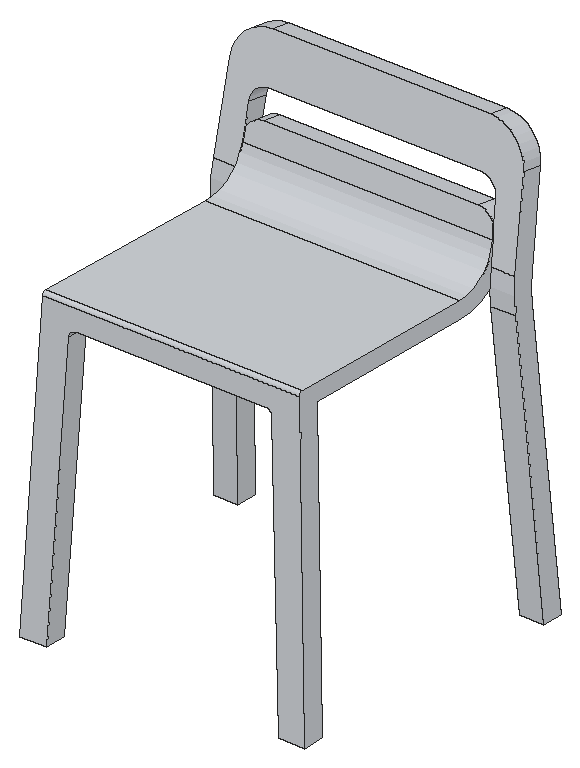
Revit family "Gohome_Hollywood_LowStool_R19", category Furniture, Revit 2019
Family settings
  OmniClass Number = 23.40.20.00
  OmniClass Title = General Furniture and Specialties
  Work Plane-Based = No
  Always vertical = Yes
  Cut with Voids When Loaded = No
  Shared = No
  Room Calculation Point = No
Parameters (values of type "Type 1")
  Width = 500 mm  # constant formula
  URL = "www.gohome.com.au"
  Finish = none
  Seat Height = 450 mm  # constant formula
  Model = "Hollywood Low Stool"  # constant formula
  Manufacturer = "gohome"  # constant formula
  Height = 600 mm  # constant formula
  Email = "sales@gohome.com.au"  # constant formula
  Designer = "Ben McCarthy"  # constant formula
  Depth = 450 mm  # constant formula
  Contact = "+61 2 9565 5510"  # constant formula
Reference planes
  plane 1 "Center (Front/Back)": y = 0
  plane 2: z = 0
  plane 3 "Center (Left/Right)": x = 0
  plane 4: y = 207
  plane 5: y = -207
  plane 6: x = 235.5
  plane 7: x = -235.5
Forms (mm)
  Extrusion 1, solid, material <- "Finish"
    sketch origin (0, 0, 0) x (0, 1, 0) y (0, 0, 1)
      loop
        line (148.964, 399.885) -> (176.927, 0) -> (207, 0) -> (178.891, 401.978)
        arc (178.891, 401.978) -> (178.71, 422.734) -> (181.06, 443.357) r 170
        line (181.06, 443.357) -> (211.576, 616.427) -> (182.032, 621.637) -> (151.515, 448.566)
        arc (151.515, 448.566) -> (148.751, 424.304) -> (148.964, 399.885) r 200
    from -235.5 to 235.5
  Extrusion 2, solid, material <- "Finish"
    sketch origin (0, 0, 0) x (0, 1, 0) y (0, 0, 1)
      loop
        line (-163.511, 416.428) -> (96.043, 407.364)
        arc (96.043, 407.364) -> (155.823, 427.366) -> (187.817, 481.681) r 90
        line (187.817, 481.681) -> (193.706, 515.078) -> (164.162, 520.287) -> (157.056, 479.987)
        arc (157.056, 479.987) -> (135.726, 443.778) -> (95.873, 430.443) r 60
        line (95.873, 430.443) -> (-187.691, 440.345)
        arc (-187.691, 440.345) -> (-191.275, 439.005) -> (-192.862, 435.523) r 5
        line (-192.862, 435.523) -> (-208.071, 0) -> (-178.053, 0) -> (-163.511, 416.428)
    from -208.5 to 208.5
  Extrusion 3, void
    sketch origin (0, 0, 0) x (1, 0, 0) y (0, 0, 1)
      loop
        line (-165.534, 0) -> (165.534, 0) -> (144.742, 396.749)
        arc (144.742, 396.749) -> (141.639, 403.479) -> (134.755, 406.225) r 10
        line (134.755, 406.225) -> (-134.755, 406.225)
        arc (-134.755, 406.225) -> (-141.639, 403.479) -> (-144.742, 396.749) r 10
        line (-144.742, 396.749) -> (-165.534, 0)
    from -207 to 250
  Extrusion 4, void
    sketch origin (0, 151.515, 448.566) x (0, 0.173648, 0.984808) y (-1, 0, 0)
      loop
        arc (175.74, -155.251) -> (160.805, -192.533) -> (124.26, -209.192) r 54
        line (124.26, -209.192) -> (-444.288, -235.75) -> (-444.288, -255.669) -> (195.712, -255.669) -> (195.712, 255.669) -> (-444.288, 255.669) -> (-444.288, 235.75) -> (124.26, 209.192)
        arc (124.26, 209.192) -> (160.805, 192.533) -> (175.74, 155.251) r 54
        line (175.74, 155.251) -> (175.74, -155.251)
      loop
        line (105.74, -151.159) -> (105.74, 151.159)
        arc (105.74, 151.159) -> (98.826, 168.42) -> (81.907, 176.132) r 25
        line (81.907, 176.132) -> (47.083, 177.759) -> (-443.668, 200.683) -> (-443.668, -200.683) -> (47.083, -177.759) -> (81.907, -176.132)
        arc (81.907, -176.132) -> (98.826, -168.42) -> (105.74, -151.159) r 25
    from -161.476 to 21.488
  Extrusion 5, void
    sketch origin (0, 157.056, 479.987) x (0, 0.173648, 0.984808) y (-1, 0, 0)
      loop
        line (33.821, 152.786) -> (33.821, -152.786)
        arc (33.821, -152.786) -> (26.907, -170.046) -> (9.988, -177.759) r 25
        line (9.988, -177.759) -> (-539.652, -203.434) -> (-539.652, -238.583) -> (57.088, -238.583) -> (57.088, 238.583) -> (-539.652, 238.583) -> (-539.652, 203.434) -> (9.988, 177.759)
        arc (9.988, 177.759) -> (26.907, 170.046) -> (33.821, 152.786) r 25
    from -53.28 to 355.872
Cuts and joins
  Extrusion 3, Extrusion 5 cuts Extrusion 2
  Extrusion 4 cuts Extrusion 1
Dimensions and locks
  aligned and locked: level to plane 2
  aligned and locked: Extrusion 1 to plane 7
  aligned and locked: plane 6 to Extrusion 1
  aligned and locked: plane 4 to Extrusion 3
